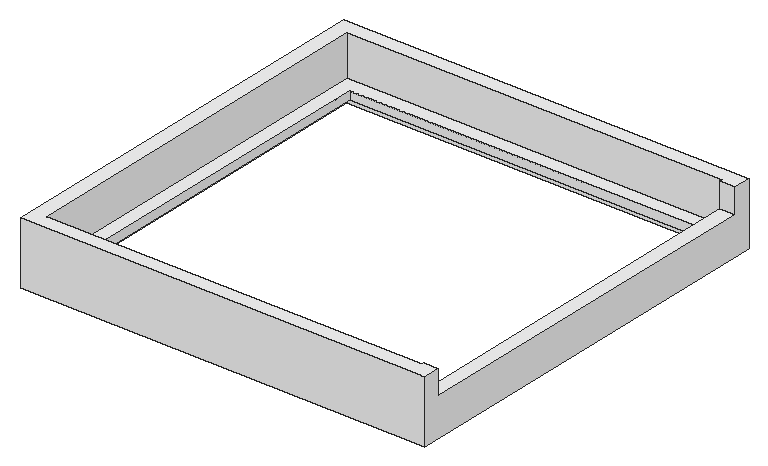
Revit family "Gira_0282600", category Electrical Fixtures, host Face, Revit 2017
Family settings
  Host = Face
  Maintain Annotation Orientation = No
  Round Connector Dimension = Use Diameter
  Part Type = Normal
  Cut with Voids When Loaded = No
  Shared = No
  Room Calculation Point = No
Parameters (values of type "Adapter fr. square 50 x 50 mm System 55 stainl.steel(lac.)")
  With label space = "No"
  With hinged lid = "No"
  URL = "http://katalog.gira.de/en/datenblatt.html?artikelnr=0282600"
  Name = "Adapter fr. square 50 x 50 mm System 55 stainl.steel(lac.)"
  Manufacturer URL = "https://www.gira.de/"
  Manufacturer = "Gira"
  Lockable = "No"
  Keynote = ""
  HeinzeBIM = "https://bimportal.heinze.de/bim/adapter-fr-square-50-x-50-mm-system-55-stainl-steel-lac-/0c81d034bae664377120f3d04773daf6b48056be"
  HAN = "0282600"
  GTIN = "4010337022015"
  Dimensions = "SQ50 / SQ50"
  Description = "Adap.fr.square 50x50mm Sys55 SSTl,Adapter frame with square cut-out for devices with cover (50 x 50 mm),,stainless steel (lacquered),Features:,- Devices with a square central plate (50 x 50 mm) from other manufacturers, e. g. Alcatel, AMP Econo Link System, Brand-Rex, BTR, Cellpack ITT Cannon Cat. 5, Deutsche Telekom, Drahtex, Hirose, Kannegieter BICC Brand Rex, Kerpen ELine 600, Krone, Molex, Nedap, Panduit, Quante, Reichle de Massari, Rutenbeck, Schumann Netzwerktechnik, HomeWay, Siemens ICCS 100, 300 and 600, Telegärtner, Telenorma, TKM (4 x RJ45 shielded, Cat. 5) can be integrated into the design line with the adapter frame and cover frame (1-gang to 5-gang)."
  Default Elevation = 1219.2 mm
  Data sheet (1) = "https://katalog.gira.de/en/download.html?artikelnr=0282600"
  Colour = "Stainless steel"
  Category = "Transition adapter for domestic switching devices"
  BIM (1) = "https://media.stage.bim.site/public/gira/36a6b08/Sys55_Adapterrahmen_50x50.rfa"
  Available = "No"
Reference planes
  plane 1 "Center (Front/Back)": y = 0
  plane 2: z = 0
  plane 3 "Center (Left/Right)": x = 0
  plane 4: y = 27.7
  plane 5: y = -27.7
  plane 6: x = 27.7
  plane 7: x = -27.7
  plane 8: y = -25.4
  plane 9: y = 25.4
Forms (mm)
  Extrusion 1, solid, material "White", detail levels fine
    sketch origin (0, 0, 0) x (1, 0, 0) y (0, 1, 0)
      loop
        line (-27.7, 27.7) -> (-27.7, -27.7) -> (27.7, -27.7) -> (27.7, 27.7) -> (-27.7, 27.7)
      loop
        line (-25.7, 25.7) -> (-25.7, -25.7) -> (25.7, -25.7) -> (25.7, 25.7) -> (-25.7, 25.7)
    from 0 to 8.6
  Extrusion 2, solid, material "White", detail levels fine
    sketch origin (0, 0, 0) x (1, 0, 0) y (0, 1, 0)
      loop
        line (-25.7, 25.7) -> (-25.7, -25.7) -> (25.7, -25.7) -> (25.7, 25.7) -> (-25.7, 25.7)
      loop
        line (-23.7, 23.7) -> (-23.7, -23.7) -> (23.7, -23.7) -> (23.7, 23.7) -> (-23.7, 23.7)
    from 1.9 to 3.1
  Extrusion 3, void, detail levels fine
    sketch origin (0, 0, 0) x (1, 0, 0) y (0, 1, 0)
      loop
        line (27.7, 25.4) -> (25.7, 25.4) -> (25.7, -25.4) -> (27.7, -25.4) -> (27.7, 25.4)
    from 5.2 to 10
  Extrusion 4, solid, material "White", detail levels coarse+medium
    sketch origin (0, 0, 0) x (1, 0, 0) y (0, 1, 0)
      loop
        line (-27.7, 27.7) -> (-27.7, -27.7) -> (27.7, -27.7) -> (27.7, 27.7) -> (-27.7, 27.7)
    from 0 to 8.6
Cuts and joins
  Extrusion 3 cuts Extrusion 1
  Extrusion 3 cuts Extrusion 2
Dimensions and locks
  aligned and locked: plane 2 to host face
  aligned and locked: level to host face
